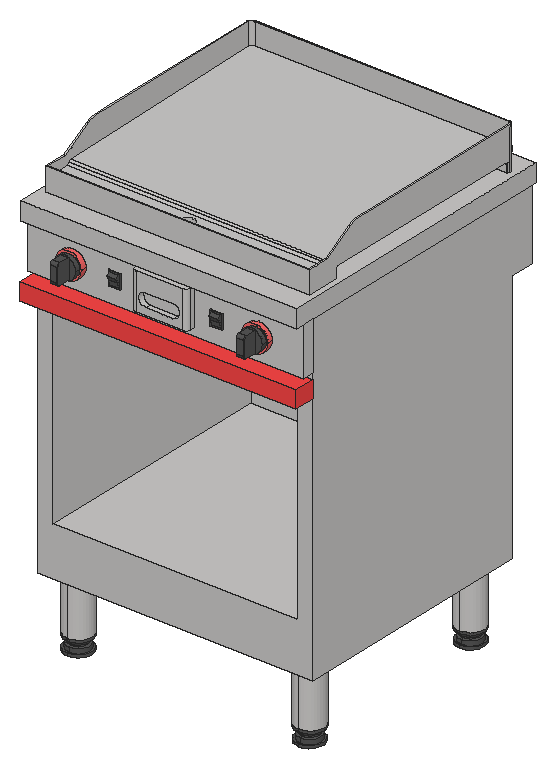
Revit family "ADB Armoire Gril Electrique 610", category Equipement spécialisé, Revit 2022
Family settings
  Cote de connecteur circulaire = Utiliser le diamètre
  Type d'élément = Normal
  Numéro OmniClass = 23.40.40.14.17.11
  Titre OmniClass = Cookers, Ovens, Stoves
  Basée sur le plan de construction = Non
  Toujours verticalement = Oui
  Couper avec des vides une fois chargée = Non
  Conserver l'orientation des annotations = Non
  Partagée = Non
  Repère de localisation dans la pièce = Non
Parameters (values of type "CME 610 SLRC")
  URL catalogue = "https://www.ambassade-de-bourgogne.com/fr/produits/armoires/grils/Resources/N61bis-CME_610_SLRC.pdf"
  URL = "https://www.ambassade-de-bourgogne.com/fr/produits/armoires/grils/Resources/N61bis-CME_610_SLRC.pdf"
  Type de Raccord Electrique [instance] = "Bornier 40A"  # constant formula
  Type article = ""
  Tension [instance] = 230 V  # constant formula
  Table = CME_CMG 610 SLK_SLKC_SRK_SRKC_SLR_SLRC : SLRC
  Spécification du Fabricant = ""
  Remarques Electricité [instance] = "230V(MONO) commutable 400V(TRI)"  # constant formula
  Puissance électrique [instance] = 4400 W  # constant formula
  Porte inversée [instance] = no
  Profondeur [instance] = 652 mm + if(Dosseret DSA 600, 50 mm, 0 mm) + if(Porte CPM 600, 53 mm, 0 mm)  # 652 mm
  Porte CPM 600 [instance] = no
  Poids net à vide [instance] = 98.00 kg + if(Dosseret DSA 600, 1.00 kg, 0.00 kg) + if(Porte CPM 600, 5.00 kg, 0.00 kg)  # 98.00 kg
  Phase [instance] = 1  # constant formula
  Nombres de Pôles [instance] = Phase  # 1
  Modèle = "CME 610 SLRC"
  Longueur [instance] = 600 mm  # constant formula
  Intensité nominale [instance] = Puissance électrique / (230 V * Phase)  # 19.1304 A
  Hauteur [instance] = 992 mm + if(Dosseret DSA 600, 8 mm, 0 mm)  # 992 mm
  Fréquence [instance] = 50 Hz  # constant formula
  Fabricant = "Société Industrielle de Lacanche"  # constant formula
  Elévation par défaut = 0 mm
  Echelles ECH 400 [instance] = no
  Dosseret DSA 600 [instance] = no
  Dosseret [instance] = if(Dosseret DSA 600, 50 mm, 0 mm)  # 0 mm
  Description = "Gril Chrome lisse 1/2 nervuré électrique"
  Connecteurs [instance] = yes
  Commentaires du type = "Gamme Ambassade - Grils et planchas électriques"
  D = 740 mm  # constant formula
  C = 300 mm  # constant formula
Types (6, lengths in mm): name | URL catalogue | URL | Table | Modèle | Description
  CME 610 SRKC | "https://www.ambassade-de-bourgogne.com/fr/produits/armoires/grils/Resources/N59-CME_610_SRKC.pdf" | "https://www.ambassade-de-bourgogne.com/fr/produits/armoires/grils/Resources/N59-CME_610_SRKC.pdf" | CME_CMG 610 SLK_SLKC_SRK_SRKC_SLR_SLRC : SRKC | "CME 610 SRKC" | "Gril chrome nervuré électrique"
  CME 610 SRK | "https://www.ambassade-de-bourgogne.com/fr/produits/armoires/grils/Resources/N59-CME_610_SRK.pdf" | "https://www.ambassade-de-bourgogne.com/fr/produits/armoires/grils/Resources/N59-CME_610_SRK.pdf" | CME_CMG 610 SLK_SLKC_SRK_SRKC_SLR_SLRC : SRK | "CME 610 SRK" | "Gril acier nervuré électrique"
  CME 610 SLK | "https://www.ambassade-de-bourgogne.com/fr/produits/armoires/grils/Resources/N57-CME_610_SLK.pdf" | "https://www.ambassade-de-bourgogne.com/fr/produits/armoires/grils/Resources/N57-CME_610_SLK.pdf" | CME_CMG 610 SLK_SLKC_SRK_SRKC_SLR_SLRC : SLK | "CME 610 SLK" | "Gril acier lisse électrique"
  CME 610 SLKC | "https://www.ambassade-de-bourgogne.com/fr/produits/armoires/grils/Resources/N57bis-CME_610_SLKC.pdf" | "https://www.ambassade-de-bourgogne.com/fr/produits/armoires/grils/Resources/N57bis-CME_610_SLKC.pdf" | CME_CMG 610 SLK_SLKC_SRK_SRKC_SLR_SLRC : SLKC | "CME 610 SLKC" | "Gril chrome lisse électrique"
  CME 610 SLR | "https://www.ambassade-de-bourgogne.com/fr/produits/armoires/grils/Resources/N61-CME_610_SLR.pdf" | "https://www.ambassade-de-bourgogne.com/fr/produits/armoires/grils/Resources/N61-CME_610_SLR.pdf" | CME_CMG 610 SLK_SLKC_SRK_SRKC_SLR_SLRC : SLR | "CME 610 SLR" | "Gril Acier lisse 1/2 nervuré électrique"
  CME 610 SLRC | "https://www.ambassade-de-bourgogne.com/fr/produits/armoires/grils/Resources/N61bis-CME_610_SLRC.pdf" | "https://www.ambassade-de-bourgogne.com/fr/produits/armoires/grils/Resources/N61bis-CME_610_SLRC.pdf" | CME_CMG 610 SLK_SLKC_SRK_SRKC_SLR_SLRC : SLRC | "CME 610 SLRC" | "Gril Chrome lisse 1/2 nervuré électrique"
Reference planes
  plane 1 "Centre (avant/arrière)": y = 0
  plane 2: z = 0
  plane 3 "Centre (gauche/droite)": x = 0
  plane 4 "gauche": x = -300
  plane 5 "droite": x = 300
  plane 6 "fond de meuble": y = 325
  plane 7 "avant": y = -325
  plane 8 "arrière": y = 325
  plane 9: z = 992
  plane 10: x = 0
  plane 11: z = 740
  plane 12: y = -327
Forms (mm)
  Extrusion 1, solid, material "ADB_Network_Electricity_Yellow", visible <- "Connecteurs", detail levels medium+fine
    sketch origin (300, 315, 707) x (-1, 0, 0) y (0, 0, 1)
      loop
        circle (300, 33) r 10
    from 0 to 10
  Extrusion 2, solid, detail levels coarse
    sketch origin (0, 0, 0) x (1, 0, 0) y (0, 1, 0)
      loop
        line (-300, 325) -> (-300, -327) -> (300, -327) -> (300, 325) -> (-300, 325)
    from 0 to 992 <- "Hauteur"
  Extrusion 3, solid, material "ADB_Stainless Steel-Polished", detail levels fine
    sketch origin (150, 0, 0) x (1, 0, 0) y (0, 1, 0)
      loop
        arc (-210, -313.5) -> (-207.218, -320.218) -> (-200.5, -323) r 9.5
        line (-200.5, -323) -> (-99.5, -323)
        arc (-99.5, -323) -> (-92.782, -320.218) -> (-90, -313.5) r 9.5
        line (-90, -313.5) -> (-90, -306) -> (-210, -306) -> (-210, -313.5)
    from 770 to 850
  Extrusion 4, void
    sketch origin (437.916, -306, 860) x (-1, 0, 0) y (0, 0, -1)
      loop
        arc (467.812, 45) -> (482.812, 60) -> (467.812, 75) r 15
        line (467.812, 75) -> (408.021, 75)
        arc (408.021, 75) -> (393.021, 60) -> (408.021, 45) r 15
        line (408.021, 45) -> (467.812, 45)
    from 5 to 38.602
  Extrusion 5, solid, material "ADB_Plastic-Black", detail levels fine
    sketch origin (229, -306, 860) x (-1, 0, 0) y (0, 0, -1)
      loop
        line (352.5, 39.5) -> (352.5, 71.5) -> (327.5, 71.5) -> (327.5, 39.5) -> (352.5, 39.5)
    from 0 to 2
  Extrusion 6, solid, material "ADB_Plastic-Black", detail levels fine
    sketch origin (-71, 0, 0.2) x (0, 1, 0) y (0, 0, 1)
      loop
        line (-308, 817.032) -> (-315.045, 811.027) -> (-309.906, 802.126) -> (-308, 792) -> (-308, 817.032)
    from -49.5 to -30.5
  Extrusion 7, solid, material "ADB_Plastic-Black", detail levels fine
    sketch origin (451, -306, 860) x (-1, 0, 0) y (0, 0, -1)
      loop
        line (452.5, 39.5) -> (452.5, 71.5) -> (427.5, 71.5) -> (427.5, 39.5) -> (452.5, 39.5)
    from 0 to 2
  Extrusion 8, solid, material "ADB_Plastic-Black", detail levels fine
    sketch origin (151, 0, 0.2) x (0, 1, 0) y (0, 0, 1)
      loop
        line (-308, 817.032) -> (-315.045, 811.027) -> (-309.906, 802.126) -> (-308, 792) -> (-308, 817.032)
    from -49.5 to -30.5
  Extrusion 9, solid, material "ADB_Plastic-Black", detail levels fine
    sketch origin (451, -306, 860) x (-1, 0, 0) y (0, 0, -1)
      loop
        line (352.5, 39.5) -> (352.5, 71.5) -> (327.5, 71.5) -> (327.5, 39.5) -> (352.5, 39.5)
    from 0 to 2
Cuts and joins
  Extrusion 4 cuts Extrusion 3
Dimensions and locks
  equal spacing: plane 5 "droite", plane 3 "Centre (gauche/droite)", plane 4 "gauche"
  "Longueur": plane 5 "droite" to plane 4 "gauche"
  plane 6 "fond de meuble" to plane 7 "avant" = 650 mm
  locked: plane 7 "avant" to plane 1 "Centre (avant/arrière)" at 325
  "Dosseret": plane 8 "arrière" to plane 6 "fond de meuble"
  "Hauteur": plane 9 to plane 2
  "D": plane 2 to plane 11
  "C": plane 5 "droite" to plane 10
  locked: Extrusion 3 sketch curve to Extrusion 3 sketch curve at 120
  "Profondeur": plane 8 "arrière" to plane 12
  aligned and locked: level to plane 2
  aligned and locked: plane 3 "Centre (gauche/droite)" to nested 1
  aligned and locked: Extrusion 1 sketch curve to plane 10
  aligned and locked: plane 11 to Extrusion 1 sketch curve
  aligned and locked: plane 3 "Centre (gauche/droite)" to nested 3
  aligned and locked: plane 8 "arrière" to Extrusion 2
  aligned and locked: Extrusion 2 to plane 12
Automatic sketch dimensions
  Extrusion 2 sketch curve to plane 4 "gauche" = 0 mm
  Extrusion 2 sketch curve to plane 5 "droite" = 0 mm
  Extrusion 2 sketch curve to plane 7 "avant" = 2 mm
  plane 6 "fond de meuble" to Extrusion 2 sketch curve = 0 mm
  plane 7 "avant" to Extrusion 3 sketch curve = 19 mm
  Extrusion 3 sketch curve to plane 3 "Centre (gauche/droite)" = 60 mm
  Extrusion 3 sketch curve to Extrusion 3 sketch curve = 9.5 mm  (x2)
  plane 7 "avant" to Extrusion 3 sketch curve = 2 mm
  Extrusion 4 sketch curve to nested 1 = 45 mm
  nested 1 to Extrusion 4 sketch curve = 270.104 mm
  Extrusion 4 sketch curve to Extrusion 4 sketch curve = 59.792 mm
  Extrusion 4 sketch curve to Extrusion 4 sketch curve = 15 mm
  Extrusion 5 sketch curve to plane 3 "Centre (gauche/droite)" = 98.5 mm
  Extrusion 5 sketch curve to Extrusion 5 sketch curve = 25 mm
  Extrusion 5 sketch curve to plane 11 = 80.5 mm
  Extrusion 5 sketch curve to Extrusion 5 sketch curve = 32 mm
  plane 7 "avant" to Extrusion 6 sketch curve = 9.955 mm
  Extrusion 6 sketch curve to Extrusion 6 sketch curve = 5.139 mm
  Extrusion 6 sketch curve to Extrusion 6 sketch curve = 1.906 mm
  Extrusion 6 sketch curve to plane 11 = 52.2 mm
  Extrusion 6 sketch curve to Extrusion 6 sketch curve = 10.126 mm
  Extrusion 6 sketch curve to Extrusion 6 sketch curve = 8.901 mm
  Extrusion 6 sketch curve to Extrusion 6 sketch curve = 6.005 mm
  plane 3 "Centre (gauche/droite)" to Extrusion 7 sketch curve = 23.5 mm
  Extrusion 7 sketch curve to plane 3 "Centre (gauche/droite)" = 1.5 mm
  Extrusion 7 sketch curve to plane 11 = 80.5 mm
  Extrusion 7 sketch curve to Extrusion 7 sketch curve = 32 mm
  plane 7 "avant" to Extrusion 8 sketch curve = 9.955 mm
  Extrusion 8 sketch curve to Extrusion 8 sketch curve = 5.139 mm
  Extrusion 8 sketch curve to Extrusion 8 sketch curve = 1.906 mm
  Extrusion 8 sketch curve to plane 11 = 52.2 mm
  Extrusion 8 sketch curve to Extrusion 8 sketch curve = 10.126 mm
  Extrusion 8 sketch curve to Extrusion 8 sketch curve = 8.901 mm
  Extrusion 8 sketch curve to Extrusion 8 sketch curve = 6.005 mm
  plane 3 "Centre (gauche/droite)" to Extrusion 9 sketch curve = 123.5 mm
  Extrusion 9 sketch curve to Extrusion 9 sketch curve = 25 mm
  Extrusion 9 sketch curve to plane 11 = 80.5 mm
  Extrusion 9 sketch curve to Extrusion 9 sketch curve = 32 mm
  radius of Extrusion 1 sketch curve = 10 mm
Nested families
  nested 1: "Soubassement armoire" at (0, 0, 0), Dosseret <- "Dosseret DSA 600", Porte <- "Porte CPM 600", Porte inversée <- "Porte inversée", Echelle <- "Echelles ECH 400", type "1 armoire"
    with Profondeur 703 mm, Porte inversée no, Porte no, Longueur 600 mm, Hauteur 900 mm, Encombrement Porte standard no, Encombrement Porte inversée no, Echelle no, Décalage poignée 233.5 mm, Dosseret no
  nested 2: "Bouton" at (-203, -306, 804.565) x (1, 0, 0) z (0, -1, 0), type "Bouton"
  nested 3: "CME_CMG 610 SLK_SLKC_SRK_SRKC_SLR_SLRC" at (0, 0, 900), type <- "Table", type "SLRC", detail levels medium+fine
  nested 4: "Bouton" at (203, -306, 804.565) x (1, 0, 0) z (0, -1, 0), type "Bouton"
Connectors
  electrical at (0, 315, 740), driven by "Nombres de Pôles", driven by "Tension", driven by "Puissance électrique"
    settings: on Extrusion 1, index 1, voltage 230 V, apparent load 4400 VA, apparent load phase1 0 VA, apparent load phase2 0 VA, apparent load phase3 0 VA, power factor 1, load classification "Autre", number of poles 1, system type 30, power factor state 1, is connector primary yes, connector utility no, sub classification motor no, connector description "Electrique"
Definition of nested family "Soubassement armoire"
  Parameters (values of type "1 armoire")
    Profondeur produit = 650 mm
    Profondeur baie libre = if(Baie libre, Profondeur produit - 68 mm, 1 mm)  # 582 mm
    Porte inversée [instance] = no
    Longueur poignée = 229 mm  # constant formula
    Encombrement Porte inversée [instance] = and(Porte, Porte inversée)  # no
    Encombrement Porte standard [instance] = and(Porte, not(Porte inversée))  # no
    Porte [instance] = no
    Profondeur [instance] = Profondeur produit + if(Dosseret, 50 mm, 0 mm) + 53 mm  # 703 mm
    Longueur produit = 600 mm
    Longueur [instance] = Longueur produit  # 600 mm
    Hauteur produit = 900 mm
    Hauteur [instance] = Hauteur produit + if(Dosseret, 100 mm, 0 mm)  # 900 mm
    Default Elevation = 0 mm
    Echelle [instance] = no
    Décalage poignée [instance] = if(Porte inversée, Longueur, 233.5 mm)  # 233.5 mm
    Dosseret [instance] = no
    Baie libre = yes
  Reference planes
    plane 1 "Centre (avant/arrière)": y = 0
    plane 2: z = 0
    plane 3 "Centre (gauche/droite)": x = 0
    plane 4 "Gauche": x = -300
    plane 5 "Arrière": y = 325
    plane 6 "Droite": x = 300
    plane 7 "Avant": y = -325
    plane 8 "dessous meuble": z = 155
    plane 9 "Dessus de plan": z = 900
    plane 10 "Baguette coloré": z = 696
    plane 11 "dessous plan": z = 860
    plane 12 "Face": y = -280
    plane 13 "commande": z = 755
    plane 14 "dessus dosseret": z = 900
    plane 15: y = -377.967
    plane 16: y = 325.033
    plane 17 "Baguette colorë": y = -780
    plane 18: x = -66.5
  Forms (mm)
    Extrusion 1, solid, visible <- "Porte", detail levels medium+fine
      sketch origin (-300, 0, 0) x (0, 1, 0) y (0, 0, 1)
        loop
          line (-325, 155) -> (-280, 155) -> (-280, 696) -> (-325, 696) -> (-325, 155)
      from 0 to 600 <- "Longueur"
    Extrusion 2, solid, detail levels medium+fine
      sketch origin (-300, 0, 0) x (0, 1, 0) y (0, 0, 1)
        loop
          line (-280, 742.5) -> (-327, 742.5) -> (-327, 705) -> (-280, 705) -> (-280, 742.5)
      from 0 to 600 <- "Longueur"
    Extrusion 3, solid, detail levels medium+fine
      sketch origin (-300, 0, 0) x (0, 1, 0) y (0, 0, 1)
        loop
          line (325, 900) -> (-325, 900) -> (-325, 860) -> (325, 860) -> (325, 900)
      from 0 to 600 <- "Longueur"
    Extrusion 4, void
      sketch origin (0, -325, 0) x (-1, 0, 0) y (0, 0, 1)
        loop
          line (266, 679) -> (-266, 679) -> (-266, 261.5) -> (266, 261.5) -> (266, 679)
      from 0 to 582 <- "Profondeur baie libre"
    Extrusion 5, solid, detail levels medium+fine
      sketch origin (-300, 0, 0) x (0, 1, 0) y (0, 0, 1)
        loop
          line (-280, 860) -> (-306, 860) -> (-306, 755) -> (-280, 755) -> (-280, 860)
      from 0 to 600 <- "Longueur"
    Extrusion 6, solid, detail levels medium+fine
      sketch origin (-300, 0, 0) x (0, 1, 0) y (0, 0, 1)
        loop
          line (315, 860) -> (-280, 860) -> (-280, 155) -> (260, 155) -> (260, 707) -> (315, 707) -> (315, 860)
      from 0 to 600 <- "Longueur"
    Revolve 7, solid, detail levels medium+fine
      sketch origin (251.965, 0, 0) x (0, 1, 0) y (0, 0, -1)
        loop
          line (-258.968, -155) -> (-229, -155) -> (-229, 0) -> (-258.492, 0) -> (-258.492, -5) -> (-253.001, -5) -> (-253.001, -13.586) -> (-248.857, -16.488) -> (-248.857, -22) -> (-252.82, -22) -> (-258.968, -28.148) -> (-258.968, -34) -> (-258.968, -155)
        axis (-229, 0) -> (-229, -155)
      angle from 0 to 360
    Revolve 8, solid, detail levels medium+fine
      sketch origin (-251.965, 0, 0) x (0, 1, 0) y (0, 0, 1)
        loop
          line (-258.968, 155) -> (-258.968, 34) -> (-258.968, 28.148) -> (-252.82, 22) -> (-248.857, 22) -> (-248.857, 16.488) -> (-253.001, 13.586) -> (-253.001, 5) -> (-258.492, 5) -> (-258.492, 0) -> (-229, 0) -> (-229, 155) -> (-258.968, 155)
        axis (-229, 0) -> (-229, 155)
      angle from 0 to 360
    Revolve 9, solid, detail levels medium+fine
      sketch origin (-251.965, -20, 0) x (0, -1, 0) y (0, 0, -1)
        loop
          line (-258.968, -155) -> (-229, -155) -> (-229, 0) -> (-258.492, 0) -> (-258.492, -5) -> (-253.001, -5) -> (-253.001, -13.586) -> (-248.857, -16.488) -> (-248.857, -22) -> (-252.82, -22) -> (-258.968, -28.148) -> (-258.968, -34) -> (-258.968, -155)
        axis (-229, 0) -> (-229, -155)
      angle from 0 to 360
    Extrusion 10, solid, visible <- "Dosseret", detail levels medium+fine
      sketch origin (-300, 0, 0) x (0, 1, 0) y (0, 0, 1)
        loop
          line (375.033, 1000) -> (325, 1000) -> (325, 860) -> (375.033, 860) -> (375.033, 1000)
      from 0 to 600 <- "Longueur"
    Revolve 11, solid, detail levels medium+fine
      sketch origin (251.965, -20, 0) x (0, -1, 0) y (0, 0, 1)
        loop
          line (-258.968, 155) -> (-258.968, 34) -> (-258.968, 28.148) -> (-252.82, 22) -> (-248.857, 22) -> (-248.857, 16.488) -> (-253.001, 13.586) -> (-253.001, 5) -> (-258.492, 5) -> (-258.492, 0) -> (-229, 0) -> (-229, 155) -> (-258.968, 155)
        axis (-229, 0) -> (-229, 155)
      angle from 0 to 360
    Extrusion 12, void
      sketch origin (0, 0, 900) x (0, -1, 0) y (1, 0, 0)
        loop
          line (-307.033, -266.567) -> (-293.033, -266.567) -> (-293.033, 266.464) -> (-307.033, 266.464) -> (-307.033, -266.567)
      from 0 to -0.8
    Extrusion 13, solid, detail levels medium+fine
      sketch origin (-300, 260, 155) x (0, 0, 1) y (1, 0, 0)
        loop
          line (65, 454) -> (65, 146) -> (552, 146) -> (552, 454) -> (65, 454)
      from 0 to 35
    Extrusion 14, solid, visible <- "Echelle", detail levels medium+fine
      sketch origin (0, 0, 0) x (1, 0, 0) y (0, 0, 1)
        loop
          line (-266, 648.8) -> (-266, 623.8) -> (-256.5, 623.8) -> (-256.5, 625) -> (-264.8, 625) -> (-264.8, 647.6) -> (-248, 647.6) -> (-248, 648.8) -> (-266, 648.8)
        loop
          line (-266, 548.8) -> (-266, 523.8) -> (-256.5, 523.8) -> (-256.5, 525) -> (-264.8, 525) -> (-264.8, 547.6) -> (-248, 547.6) -> (-248, 548.8) -> (-266, 548.8)
        loop
          line (-266, 448.8) -> (-266, 423.8) -> (-256.5, 423.8) -> (-256.5, 425) -> (-264.8, 425) -> (-264.8, 447.6) -> (-248, 447.6) -> (-248, 448.8) -> (-266, 448.8)
        loop
          line (-266, 348.8) -> (-266, 323.8) -> (-256.5, 323.8) -> (-256.5, 325) -> (-264.8, 325) -> (-264.8, 347.6) -> (-248, 347.6) -> (-248, 348.8) -> (-266, 348.8)
      from -113.466 to 206.5
    Extrusion 15, solid, visible <- "Echelle", detail levels medium+fine
      sketch origin (0, 0, 0) x (-1, 0, 0) y (0, 0, -1)
        loop
          line (-266, -648.8) -> (-248, -648.8) -> (-248, -647.6) -> (-264.8, -647.6) -> (-264.8, -625) -> (-256.5, -625) -> (-256.5, -623.8) -> (-266, -623.8) -> (-266, -648.8)
        loop
          line (-266, -548.8) -> (-248, -548.8) -> (-248, -547.6) -> (-264.8, -547.6) -> (-264.8, -525) -> (-256.5, -525) -> (-256.5, -523.8) -> (-266, -523.8) -> (-266, -548.8)
        loop
          line (-266, -448.8) -> (-248, -448.8) -> (-248, -447.6) -> (-264.8, -447.6) -> (-264.8, -425) -> (-256.5, -425) -> (-256.5, -423.8) -> (-266, -423.8) -> (-266, -448.8)
        loop
          line (-266, -348.8) -> (-248, -348.8) -> (-248, -347.6) -> (-264.8, -347.6) -> (-264.8, -325) -> (-256.5, -325) -> (-256.5, -323.8) -> (-266, -323.8) -> (-266, -348.8)
      from -113.466 to 206.5
  Cuts and joins
    Extrusion 4 cuts Extrusion 6
    Extrusion 12 cuts Extrusion 10
  Lines and regions (mm)
    symbolic lines, visible <- "Encombrement Porte standard"
      curve 1: line (300, -280, 155) -> (300, -880, 155)
      curve 4: arc (-300, -280, 155) -> (-124.264, -704.264, 155) -> (300, -880, 155) r 600
    symbolic lines, visible <- "Encombrement Porte inversée"
      curve 2: line (-300, -280, 155) -> (-300, -880, 155)
      curve 3: arc (300, -280, 155) -> (124.264, -704.264, 155) -> (-300, -880, 155) r 600
  Dimensions and locks
    equal spacing: plane 7 "Avant", plane 1 "Centre (avant/arrière)", plane 5 "Arrière"
    "Profondeur produit": plane 5 "Arrière" to plane 7 "Avant"
    equal spacing: plane 4 "Gauche", plane 3 "Centre (gauche/droite)", plane 6 "Droite"
    "Longueur produit": plane 4 "Gauche" to plane 6 "Droite"
    "Hauteur produit": plane 9 "Dessus de plan" to plane 2
    locked: plane 8 "dessous meuble" to plane 2 at 155
    locked: plane 9 "Dessus de plan" to plane 11 "dessous plan" at 40
    locked: plane 7 "Avant" to plane 12 "Face" at 45
    locked: plane 13 "commande" to plane 10 "Baguette coloré" at 59
    locked: plane 11 "dessous plan" to plane 13 "commande" at 105
    Extrusion 4 sketch curve to plane 8 "dessous meuble" = 106.5 mm
    Extrusion 4 sketch curve to plane 6 "Droite" = 34 mm
    Extrusion 4 sketch curve to plane 4 "Gauche" = 34 mm
    plane 10 "Baguette coloré" to Extrusion 4 sketch curve = 17 mm
    "Hauteur": plane 14 "dessus dosseret" to plane 2
    locked: plane 7 "Avant" to plane 15 at 52.967
    "Profondeur": plane 15 to plane 16
    equal spacing: Extrusion 13 sketch curve, plane 3 "Centre (gauche/droite)", Extrusion 13 sketch curve
    "Décalage poignée": plane 18 to plane 4 "Gauche"
    locked: plane 4 "Gauche" to Revolve 9 at 18.067
    locked: Revolve 11 to plane 6 "Droite" at 18.067
    locked: Revolve 7 to plane 6 "Droite" at 18.067
    locked: plane 4 "Gauche" to Revolve 8 at 18.067
    locked: Revolve 8 to plane 12 "Face" at 21.032
    locked: Revolve 7 to plane 12 "Face" at 21.032
    locked: plane 5 "Arrière" to Extrusion 10 sketch curve at 50.033
    plane 16 to Extrusion 12 sketch curve to Extrusion 12 sketch curve = 18 mm locked, 14 mm locked
    aligned and locked: level to plane 2
    aligned and locked: plane 18 to nested 1
  Automatic sketch dimensions
    Extrusion 1 sketch curve to plane 7 "Avant" = 0 mm
    Extrusion 1 sketch curve to plane 10 "Baguette coloré" = 0 mm
    Extrusion 1 sketch curve to plane 12 "Face" = 0 mm
    Extrusion 1 sketch curve to plane 8 "dessous meuble" = 0 mm
    Extrusion 2 sketch curve to plane 12 "Face" = 0 mm
    Extrusion 2 sketch curve to plane 7 "Avant" = 2 mm
    plane 10 "Baguette coloré" to Extrusion 2 sketch curve = 9 mm
    Extrusion 2 sketch curve to plane 13 "commande" = 12.5 mm
    Extrusion 3 sketch curve to plane 7 "Avant" = 0 mm
    Extrusion 3 sketch curve to plane 5 "Arrière" = 0 mm
    Extrusion 3 sketch curve to plane 11 "dessous plan" = 0 mm
    Extrusion 3 sketch curve to plane 9 "Dessus de plan" = 0 mm
    Extrusion 5 sketch curve to plane 11 "dessous plan" = 0 mm
    Extrusion 5 sketch curve to plane 13 "commande" = 0 mm
    Extrusion 5 sketch curve to plane 12 "Face" = 0 mm
    plane 7 "Avant" to Extrusion 5 sketch curve = 19 mm
    Extrusion 6 sketch curve to plane 11 "dessous plan" = 0 mm
    Extrusion 6 sketch curve to plane 12 "Face" = 0 mm
    Extrusion 6 sketch curve to plane 8 "dessous meuble" = 0 mm
    Extrusion 6 sketch curve to plane 5 "Arrière" = 65 mm
    Extrusion 6 sketch curve to plane 5 "Arrière" = 10 mm
    plane 10 "Baguette coloré" to Extrusion 6 sketch curve = 11 mm
    Revolve 7 sketch curve to plane 8 "dessous meuble" = 0 mm
    Revolve 7 sketch curve to level = 0 mm
    plane 12 "Face" to Revolve 7 sketch curve = 21.032 mm
    plane 12 "Face" to Revolve 7 sketch curve = 21.508 mm
    Revolve 7 sketch curve to Revolve 7 sketch curve = 5.491 mm
    Revolve 7 sketch curve to Revolve 7 sketch curve = 0.181 mm
    Revolve 7 sketch curve to Revolve 7 sketch curve = 3.964 mm
    Revolve 7 sketch curve to Revolve 7 sketch curve = 24.001 mm
    level to Revolve 7 sketch curve = 34 mm
    Revolve 7 sketch curve to Revolve 7 sketch curve = 5.852 mm
    Revolve 7 sketch curve to Revolve 7 sketch curve = 6.148 mm
    Revolve 7 sketch curve to Revolve 7 sketch curve = 5.512 mm
    Revolve 7 sketch curve to Revolve 7 sketch curve = 2.902 mm
    level to Revolve 7 sketch curve = 5 mm
    Revolve 7 sketch curve to Revolve 7 sketch curve = 0 mm
    plane 8 "dessous meuble" to Revolve 7 sketch curve = 19 mm
    Revolve 7 sketch curve to Revolve 7 sketch curve = 12 mm
    Revolve 8 sketch curve to plane 8 "dessous meuble" = 0 mm
    Revolve 8 sketch curve to level = 0 mm
    plane 12 "Face" to Revolve 8 sketch curve = 21.032 mm
    plane 12 "Face" to Revolve 8 sketch curve = 21.508 mm
    Revolve 8 sketch curve to Revolve 8 sketch curve = 5.491 mm
    Revolve 8 sketch curve to Revolve 8 sketch curve = 0.181 mm
    Revolve 8 sketch curve to Revolve 8 sketch curve = 3.964 mm
    Revolve 8 sketch curve to Revolve 8 sketch curve = 24.001 mm
    level to Revolve 8 sketch curve = 5 mm
    Revolve 8 sketch curve to Revolve 8 sketch curve = 8.586 mm
    Revolve 8 sketch curve to Revolve 8 sketch curve = 2.902 mm
    Revolve 8 sketch curve to Revolve 8 sketch curve = 5.512 mm
    Revolve 8 sketch curve to Revolve 8 sketch curve = 6.148 mm
    Revolve 8 sketch curve to Revolve 8 sketch curve = 5.852 mm
    Revolve 8 sketch curve to Revolve 8 sketch curve = 0 mm
    Revolve 8 sketch curve to Revolve 8 sketch curve = 12 mm
    plane 8 "dessous meuble" to Revolve 8 sketch curve = 19 mm
    Revolve 9 sketch curve to plane 8 "dessous meuble" = 0 mm
    Revolve 9 sketch curve to level = 0 mm
    level to Revolve 9 sketch curve = 28.148 mm
    Revolve 9 sketch curve to plane 5 "Arrière" = 86.032 mm
    Revolve 9 sketch curve to Revolve 9 sketch curve = 0.477 mm
    level to Revolve 9 sketch curve = 13.586 mm
    Revolve 9 sketch curve to Revolve 9 sketch curve = 5.491 mm
    Revolve 9 sketch curve to Revolve 9 sketch curve = 0.181 mm
    Revolve 9 sketch curve to Revolve 9 sketch curve = 3.964 mm
    Revolve 9 sketch curve to Revolve 9 sketch curve = 24.001 mm
    Revolve 9 sketch curve to Revolve 9 sketch curve = 5.852 mm
    Revolve 9 sketch curve to Revolve 9 sketch curve = 8.414 mm
    Revolve 9 sketch curve to Revolve 9 sketch curve = 2.902 mm
    level to Revolve 9 sketch curve = 5 mm
    Revolve 9 sketch curve to Revolve 9 sketch curve = 0 mm
    plane 8 "dessous meuble" to Revolve 9 sketch curve = 19 mm
    Revolve 9 sketch curve to Revolve 9 sketch curve = 12 mm
    Extrusion 10 sketch curve to plane 5 "Arrière" = 0 mm
    Extrusion 10 sketch curve to plane 11 "dessous plan" = 0 mm
    plane 9 "Dessus de plan" to Extrusion 10 sketch curve = 100 mm
    curve 3 to plane 6 "Droite" = 0 mm
    curve 3 to plane 4 "Gauche" = 0 mm
    curve 4 to plane 4 "Gauche" = 0 mm
    curve 4 to plane 12 "Face" = 0 mm
    curve 2 to plane 12 "Face" = 0 mm
    curve 3 to plane 12 "Face" = 0 mm
    Revolve 11 sketch curve to plane 8 "dessous meuble" = 0 mm
    Revolve 11 sketch curve to level = 0 mm
    level to Revolve 11 sketch curve = 28.148 mm
    Revolve 11 sketch curve to plane 5 "Arrière" = 86.032 mm
    Revolve 11 sketch curve to Revolve 11 sketch curve = 0.477 mm
    level to Revolve 11 sketch curve = 13.586 mm
    Revolve 11 sketch curve to Revolve 11 sketch curve = 5.491 mm
    Revolve 11 sketch curve to Revolve 11 sketch curve = 0.181 mm
    Revolve 11 sketch curve to Revolve 11 sketch curve = 3.964 mm
    Revolve 11 sketch curve to Revolve 11 sketch curve = 24.001 mm
    level to Revolve 11 sketch curve = 5 mm
    Revolve 11 sketch curve to Revolve 11 sketch curve = 2.902 mm
    Revolve 11 sketch curve to Revolve 11 sketch curve = 5.512 mm
    Revolve 11 sketch curve to Revolve 11 sketch curve = 5.852 mm
    Revolve 11 sketch curve to Revolve 11 sketch curve = 0 mm
    Revolve 11 sketch curve to Revolve 11 sketch curve = 12 mm
    plane 8 "dessous meuble" to Revolve 11 sketch curve = 19 mm
    plane 4 "Gauche" to Extrusion 12 sketch curve = 33.433 mm
    plane 6 "Droite" to Extrusion 12 sketch curve = 33.536 mm
    Extrusion 13 sketch curve to Extrusion 6 = 0 mm
    Extrusion 6 to Extrusion 13 sketch curve = 65 mm
    Extrusion 6 to Extrusion 13 sketch curve = 146 mm
    plane 4 "Gauche" to Extrusion 14 sketch curve = 34 mm  (x4)
    Extrusion 14 sketch curve to Extrusion 14 sketch curve = 1.2 mm  (x12)
    Extrusion 14 sketch curve to Extrusion 14 sketch curve = 8.3 mm  (x4)
    Extrusion 14 sketch curve to Extrusion 14 sketch curve = 16.8 mm  (x4)
    plane 8 "dessous meuble" to Extrusion 14 sketch curve = 168.8 mm
    Extrusion 14 sketch curve to Extrusion 14 sketch curve = 22.6 mm  (x4)
    Extrusion 14 sketch curve to Extrusion 14 sketch curve = 75 mm  (x2)
    Extrusion 14 sketch curve to plane 10 "Baguette coloré" = 72.2 mm
    plane 6 "Droite" to Extrusion 15 sketch curve = 34 mm  (x4)
    Extrusion 15 sketch curve to Extrusion 15 sketch curve = 1.2 mm  (x12)
    Extrusion 15 sketch curve to Extrusion 15 sketch curve = 8.3 mm  (x4)
    Extrusion 15 sketch curve to Extrusion 15 sketch curve = 16.8 mm  (x4)
    Extrusion 15 sketch curve to plane 10 "Baguette coloré" = 47.2 mm
    Extrusion 15 sketch curve to Extrusion 15 sketch curve = 22.6 mm  (x4)
    Extrusion 15 sketch curve to Extrusion 15 sketch curve = 75 mm  (x3)
    curve 1 to plane 6 "Droite" = 0 mm
    curve 1 to plane 12 "Face" = 0 mm
  Nested families
    nested 1: "Poignée" at (-181, -325, 681.933) x (1, 0, 0) z (0, -1, 0), visible <- "Porte", Longueur <- "Longueur poignée", type "Poignée", detail levels fine
      with Longueur 229 mm
  Definition of nested family "Poignée"
    Parameters (values of type "Poignée")
      Longueur [instance] = 800 mm
      Default Elevation = 1219.2 mm
    Reference planes
      plane 1 "Centre (avant/arrière)": y = 0
      plane 2: z = 0
      plane 3 "Centre (gauche/droite)": x = 0
      plane 4: x = -400
      plane 5: x = 400
      plane 6: x = -395
      plane 7: x = 395
    Forms (mm)
      Extrusion 1, solid
        sketch origin (0, 0, 0) x (1, 0, 0) y (0, 1, 0)
          loop
            line (-1219.2, 1219.2) -> (-1219.2, -1219.2) -> (1219.2, -1219.2) -> (1219.2, 1219.2) -> (-1219.2, 1219.2)
        from 0 to -304.8
      Extrusion 2, solid
        sketch origin (0, 0, 0) x (0, 1, 0) y (0, 0, 1)
          loop
            circle (0, 38.995) r 13.972
        from -395 to 395
      Extrusion 3, solid
        sketch origin (0, 0, 0) x (1, 0, 0) y (0, 1, 0)
          loop
            circle (-363.542, 0) r 8.5
          loop
            circle (363.453, 0) r 8.5
        from 0 to 37.089
    Cuts and joins
      joined: Extrusion 2, Extrusion 3
    Dimensions and locks
      equal spacing: plane 4, plane 3 "Centre (gauche/droite)", plane 5
      "Longueur": plane 4 to plane 5
      locked: plane 4 to plane 6 at 5
      locked: plane 7 to plane 5 at 5
      locked: plane 6 to Extrusion 3 sketch curve at 31.458
      locked: Extrusion 3 sketch curve to plane 7 at 31.547
      aligned and locked: plane 2 to Extrusion 1
      aligned and locked: level to Extrusion 1
      aligned and locked: plane 6 to Extrusion 2
      aligned and locked: Extrusion 2 to plane 7
      aligned and locked: plane 1 "Centre (avant/arrière)" to Extrusion 3 sketch curve
    Automatic sketch dimensions
      Extrusion 1 sketch curve to Extrusion 1 sketch curve = 2438.4 mm  (x2)
      Extrusion 2 sketch curve to plane 1 "Centre (avant/arrière)" = 0 mm
      level to Extrusion 2 sketch curve = 38.995 mm
      plane 1 "Centre (avant/arrière)" to Extrusion 3 sketch curve = 0 mm
      radius of Extrusion 2 sketch curve = 13.972 mm
      radius of Extrusion 3 sketch curve = 8.5 mm  (x2)
Definition of nested family "Bouton"
  Parameters (values of type "Bouton")
    Matériau base bouton = none
    Default Elevation = 1219.2 mm
  Reference planes
    plane 1 "Centre (avant/arrière)": y = 0
    plane 2: z = 0
    plane 3 "Centre (gauche/droite)": x = 0
  Forms (mm)
    Extrusion 1, solid
      sketch origin (0, 0, 0) x (1, 0, 0) y (0, 1, 0)
        loop
          line (-1219.2, 1219.2) -> (-1219.2, -1219.2) -> (1219.2, -1219.2) -> (1219.2, 1219.2) -> (-1219.2, 1219.2)
      from 0 to -304.8
    Extrusion 2, solid, material <- "Matériau base bouton", detail levels fine
      sketch origin (0, 0, 0) x (1, 0, 0) y (0, 1, 0)
        loop
          circle (0, 0) r 28.5
      from 0 to 11.5
    Extrusion 3, solid, detail levels fine
      sketch origin (0, 0, 0) x (1, 0, 0) y (0, 1, 0)
        loop
          circle (0, 0) r 24.1
      from 11.5 to 20.5
    Extrusion 4, solid, detail levels fine
      sketch origin (0, 0, 0) x (1, 0, 0) y (0, 0, 1)
        loop
          line (-8.082, 20.5) -> (8.082, 20.5) -> (7.58, 49.253)
          arc (7.58, 49.253) -> (6.684, 51.34) -> (4.581, 52.2) r 3
          line (4.581, 52.2) -> (-4.581, 52.2)
          arc (-4.581, 52.2) -> (-6.684, 51.34) -> (-7.58, 49.253) r 3
          line (-7.58, 49.253) -> (-8.082, 20.5)
      from -22.082 to 22.162
    Extrusion 5, void
      sketch origin (0, 0, 0) x (0, 1, 0) y (0, 0, 1)
        loop
          line (-15.762, 50.701) -> (15.682, 50.701)
          arc (15.682, 50.701) -> (20.208, 48.826) -> (22.082, 44.301) r 6.4
          line (22.082, 44.301) -> (22.082, 41.701) -> (24.232, 41.701) -> (24.232, 54.688) -> (-24.768, 54.688) -> (-24.768, 41.701) -> (-22.162, 41.701) -> (-22.162, 44.301)
          arc (-22.162, 44.301) -> (-20.287, 48.826) -> (-15.762, 50.701) r 6.4
      from -15.908 to 13.709
  Cuts and joins
    Extrusion 5 cuts Extrusion 4
  Lines and regions (mm)
    symbolic lines, detail levels fine
      curve 1: line (0, -28.5, 0) -> (0, 28.5, 0)
  Dimensions and locks
    aligned and locked: plane 2 to Extrusion 1
    aligned and locked: level to Extrusion 1
Definition of nested family "CME_CMG 610 SLK_SLKC_SRK_SRKC_SLR_SLRC"
  Parameters (values of type "SLKC")
    Nervures chrome = no
    Nervures acier = no
    Longueur plancha = Longueur - 26 mm  # 574 mm
    Habillage = none
    Longueur = 600 mm
    Largeur = 650 mm
    Default Elevation = 1219.2 mm
    Demi nervures chrome = no
    Demi nervures acier = no
  Types (6, lengths in mm): name | Nervures chrome | Nervures acier | Demi nervures chrome | Demi nervures acier
    SLK | no | no | no | no
    SLKC | no | no | no | no
    SRK | no | yes | no | no
    SRKC | yes | no | no | no
    SLR | no | no | no | yes
    SLRC | no | no | yes | no
  Reference planes
    plane 1 "Centre (avant/arrière)": y = 0
    plane 2: z = 0
    plane 3 "Centre (gauche/droite)": x = 0
    plane 4: y = 325
    plane 5: y = -325
    plane 6: x = 300
    plane 7: x = -300
    plane 8: x = -287
    plane 9: x = 287
  Forms (mm)
    Extrusion 1, solid
      sketch origin (0, 0, 0) x (1, 0, 0) y (0, 1, 0)
        loop
          line (-1219.2, 1219.2) -> (-1219.2, -1219.2) -> (1219.2, -1219.2) -> (1219.2, 1219.2) -> (-1219.2, 1219.2)
      from 0 to -304.8
    Extrusion 2, solid, material <- "Habillage"
      sketch origin (0, 0, 0) x (1, 0, 0) y (0, 1, 0)
        loop
          line (-287, 272.048) -> (-287, -273.983) -> (287, -273.983) -> (287, 272.048)
          arc (287, 272.048) -> (283.778, 279.826) -> (276, 283.048) r 11
          line (276, 283.048) -> (-276, 283.048)
          arc (-276, 283.048) -> (-283.778, 279.826) -> (-287, 272.048) r 11
        loop
          line (-284, 272.048) -> (-284, -270.983) -> (284, -270.983) -> (284, 272.048)
          arc (284, 272.048) -> (281.657, 277.705) -> (276, 280.048) r 8
          line (276, 280.048) -> (-276, 280.048)
          arc (-276, 280.048) -> (-281.657, 277.705) -> (-284, 272.048) r 8
      from 0 to 92.033
    Extrusion 3, void
      sketch origin (0, 0, 0) x (0, 1, 0) y (0, 0, 1)
        loop
          line (-104, 112) -> (-285.597, 112) -> (-285.597, 49.448) -> (-223.976, 49.403) -> (-161.719, 85.347)
          arc (-161.719, 85.347) -> (-149.684, 90.332) -> (-136.769, 92.033) r 49.9
          line (-136.769, 92.033) -> (-104, 92.033) -> (-104, 112)
      from -300 to 300
    Extrusion 4, solid, material <- "Habillage"
      sketch origin (0, 0.952, 0) x (1, 0, 0) y (0, 1, 0)
        loop
          line (276, 279.096) -> (-276, 279.096)
          arc (-276, 279.096) -> (-281.657, 276.753) -> (-284, 271.096) r 8
          line (-284, 271.096) -> (-284, -271.935) -> (284, -271.935) -> (284, 271.096)
          arc (284, 271.096) -> (281.657, 276.753) -> (276, 279.096) r 8
      from 0 to 34.5
    Extrusion 5, void
      sketch origin (0, 0, 4.998) x (0, 1, 0) y (0, 0, 1)
        loop
          line (-266.126, 28.524) -> (-261.04, 23.612) -> (-221.046, 24.309) -> (-210.298, 35.437) -> (-270.983, 35.437) -> (-270.983, 28.44) -> (-266.126, 28.524)
      from -300 to 300
    Extrusion 6, void
      sketch origin (0, 0, 0) x (1, 0, 0) y (0, 1, 0)
        loop
          circle (0, -245.004) r 15
      from 0 to 61.472
    Extrusion 7, void
      sketch origin (0, 0, 0) x (0, 1, 0) y (0, 0, 1)
        loop
          line (-203.012, 17.423) -> (-203.012, 0) -> (266.988, 0) -> (266.988, 16.823)
          arc (266.988, 16.823) -> (265.348, 20.783) -> (261.388, 22.423) r 5.6
          line (261.388, 22.423) -> (-198.012, 22.423)
          arc (-198.012, 22.423) -> (-201.548, 20.958) -> (-203.012, 17.423) r 5
      from -300 to 300
    Extrusion 8, void
      sketch origin (0, 0, 0) x (1, 0, 0) y (0, 0, 1)
        loop
          line (235, 30.418) -> (-235, 30.418)
          arc (-235, 30.418) -> (-238.536, 28.954) -> (-240, 25.418) r 5
          line (-240, 25.418) -> (-240, 0) -> (240, 0) -> (240, 25.418)
          arc (240, 25.418) -> (238.536, 28.954) -> (235, 30.418) r 5
      from -325 to 203.012
    Extrusion 9, solid, visible <- "Nervures chrome", detail levels fine
      sketch origin (0, 0, 0) x (0, 1, 0) y (0, 0, 1)
        loop
          line (280.011, 34.5) -> (280.011, 46.037) -> (-213.184, 37.447) -> (-216.03, 34.5) -> (280.011, 34.5)
      from -284 to 284
    Extrusion 10, solid, visible <- "Nervures acier", detail levels fine
      sketch origin (0, 0, 0) x (0, 1, 0) y (0, 0, 1)
        loop
          line (280.011, 34.5) -> (280.011, 46.037) -> (-213.184, 37.447) -> (-216.03, 34.5) -> (280.011, 34.5)
      from -284 to 284
    Extrusion 11, solid, visible <- "Demi nervures acier", detail levels fine
      sketch origin (0, 0, 0) x (0, 1, 0) y (0, 0, 1)
        loop
          line (280.011, 34.5) -> (280.011, 46.037) -> (-213.184, 37.447) -> (-216.03, 34.5) -> (280.011, 34.5)
      from -284 to 284
    Extrusion 12, solid, visible <- "Demi nervures chrome", detail levels fine
      sketch origin (0, 0, 0) x (0, 1, 0) y (0, 0, 1)
        loop
          line (280.011, 34.5) -> (280.011, 46.037) -> (-213.184, 37.447) -> (-216.03, 34.5) -> (280.011, 34.5)
      from -284 to 284
  Cuts and joins
    Extrusion 3, Extrusion 7, Extrusion 8 cuts Extrusion 2
    Extrusion 5, Extrusion 6, Extrusion 7, Extrusion 8 cuts Extrusion 4
  Lines and regions (mm)
    Split face 1
      outline origin (0, 271.74, 45.893) x (0, -0.999848, -0.017415) y (1, 0, 0)
        loop
          line (-8.272, 0) -> (484.998, 0)
    Split face 2
      outline origin (0, -221.046, 29.307) x (0, 0.694685, 0.719314) y (-1, 0, 0)
        loop
          line (11.317, 0) -> (7.22, 0)
    Split face 3
      outline origin (0, 271.74, 45.893) x (0, -0.999848, -0.017415) y (1, 0, 0)
        loop
          line (-8.272, 0) -> (484.998, 0)
    Split face 4
      outline origin (0, -221.046, 29.307) x (0, 0.694685, 0.719314) y (-1, 0, 0)
        loop
          line (11.317, 0) -> (7.22, 0)
  Dimensions and locks
    "Largeur": plane 5 to plane 4
    "Longueur": plane 7 to plane 6
    "Longueur plancha": plane 8 to plane 9
    equal spacing: plane 7, plane 3 "Centre (gauche/droite)", plane 6
    equal spacing: plane 8, plane 3 "Centre (gauche/droite)", plane 9
    aligned and locked: plane 2 to Extrusion 1
    aligned and locked: level to Extrusion 1
    aligned and locked: plane 8 to Extrusion 2 sketch curve
    aligned and locked: plane 9 to Extrusion 2 sketch curve
    aligned and locked: Extrusion 5 to plane 6
    aligned and locked: plane 7 to Extrusion 5
    aligned and locked: Extrusion 7 to plane 6
    aligned and locked: plane 7 to Extrusion 7
    aligned and locked: Extrusion 3 to plane 6
    aligned and locked: plane 7 to Extrusion 3
  Automatic sketch dimensions
    Extrusion 1 sketch curve to Extrusion 1 sketch curve = 2438.4 mm  (x2)
    Extrusion 4 sketch curve to plane 5 = 54.017 mm
    plane 4 to Extrusion 4 sketch curve = 52.952 mm
    Extrusion 6 sketch curve to plane 5 = 79.996 mm
    Extrusion 4 sketch curve to plane 7 = 24 mm
    Extrusion 4 sketch curve to plane 7 = 16 mm
    plane 3 "Centre (gauche/droite)" to Extrusion 6 sketch curve = 0 mm
    plane 6 to Extrusion 4 sketch curve = 24 mm
    plane 9 to Extrusion 4 sketch curve = 3 mm
    Extrusion 2 sketch curve to plane 8 = 3 mm
    Extrusion 2 sketch curve to Extrusion 2 sketch curve = 8 mm
    Extrusion 2 sketch curve to Extrusion 2 sketch curve = 0 mm  (x3)
    plane 9 to Extrusion 2 sketch curve = 11 mm
    plane 9 to Extrusion 2 sketch curve = 3 mm
    Extrusion 2 sketch curve to plane 5 = 51.017 mm
    Extrusion 2 sketch curve to Extrusion 2 sketch curve = 3 mm
    plane 4 to Extrusion 2 sketch curve = 52.952 mm
    Extrusion 3 sketch curve to plane 5 = 39.403 mm
    level to Extrusion 3 sketch curve = 49.403 mm
    Extrusion 3 sketch curve to Extrusion 3 sketch curve = 61.621 mm
    Extrusion 3 sketch curve to Extrusion 3 sketch curve = 62.257 mm
    Extrusion 3 sketch curve to Extrusion 3 sketch curve = 24.95 mm
    level to Extrusion 3 sketch curve = 42.133 mm
    Extrusion 3 sketch curve to Extrusion 3 sketch curve = 43.215 mm
    Extrusion 3 sketch curve to Extrusion 3 sketch curve = 62.597 mm
    Extrusion 3 sketch curve to Extrusion 3 sketch curve = 32.769 mm
    level to Extrusion 3 sketch curve = 49.448 mm
    level to Extrusion 5 sketch curve = 33.438 mm
    Extrusion 5 sketch curve to plane 5 = 58.874 mm
    level to Extrusion 5 sketch curve = 28.61 mm
    Extrusion 5 sketch curve to Extrusion 5 sketch curve = 5.086 mm
    level to Extrusion 5 sketch curve = 29.307 mm
    Extrusion 5 sketch curve to Extrusion 5 sketch curve = 39.994 mm
    Extrusion 5 sketch curve to Extrusion 5 sketch curve = 4.857 mm
    Extrusion 5 sketch curve to Extrusion 5 sketch curve = 10.748 mm
    Extrusion 5 sketch curve to Extrusion 5 sketch curve = 0.085 mm
    Extrusion 5 sketch curve to Extrusion 5 sketch curve = 6.998 mm
    level to Extrusion 7 sketch curve = 17.423 mm
    Extrusion 7 sketch curve to plane 5 = 121.988 mm
    Extrusion 7 sketch curve to Extrusion 7 sketch curve = 5 mm
    level to Extrusion 7 sketch curve = 16.823 mm
    plane 4 to Extrusion 7 sketch curve = 63.612 mm
    Extrusion 7 sketch curve to level = 0 mm
    Extrusion 8 sketch curve to plane 8 = 47 mm
    Extrusion 8 sketch curve to Extrusion 8 sketch curve = 5 mm  (x2)
    level to Extrusion 8 sketch curve = 25.418 mm
    plane 9 to Extrusion 8 sketch curve = 52 mm
    level to Extrusion 8 sketch curve = 0 mm
    Extrusion 9 sketch curve to plane 5 = 108.97 mm
    Extrusion 9 sketch curve to Extrusion 9 sketch curve = 2.846 mm
    plane 4 to Extrusion 9 sketch curve = 44.989 mm
    level to Extrusion 9 sketch curve = 34.5 mm
    Extrusion 9 sketch curve to Extrusion 9 sketch curve = 11.537 mm
    Extrusion 9 sketch curve to Extrusion 9 sketch curve = 2.947 mm
    level to Extrusion 10 sketch curve = 34.5 mm
    Extrusion 10 sketch curve to plane 5 = 108.97 mm
    level to Extrusion 10 sketch curve = 37.447 mm
    Extrusion 10 sketch curve to Extrusion 10 sketch curve = 2.846 mm
    plane 4 to Extrusion 10 sketch curve = 44.989 mm
    Extrusion 10 sketch curve to Extrusion 10 sketch curve = 11.537 mm
    level to Extrusion 11 sketch curve = 34.5 mm
    Extrusion 11 sketch curve to plane 5 = 108.97 mm
    level to Extrusion 11 sketch curve = 37.447 mm
    Extrusion 11 sketch curve to Extrusion 11 sketch curve = 2.846 mm
    plane 4 to Extrusion 11 sketch curve = 44.989 mm
    Extrusion 11 sketch curve to Extrusion 11 sketch curve = 11.537 mm
    Extrusion 11 to Split face 1 sketch curve = 0 mm  (x2)
    Split face 1 sketch curve to Extrusion 11 = 284 mm
    Split face 2 sketch curve to Extrusion 11 = 0 mm
    Extrusion 11 to Split face 2 sketch curve = 0 mm
    Split face 2 sketch curve to Extrusion 11 = 284 mm
    level to Extrusion 12 sketch curve = 34.5 mm
    Extrusion 12 sketch curve to plane 5 = 108.97 mm
    level to Extrusion 12 sketch curve = 37.447 mm
    Extrusion 12 sketch curve to Extrusion 12 sketch curve = 2.846 mm
    plane 4 to Extrusion 12 sketch curve = 44.989 mm
    Extrusion 12 sketch curve to Extrusion 12 sketch curve = 11.537 mm
    Extrusion 12 to Split face 3 sketch curve = 0 mm  (x2)
    Split face 3 sketch curve to Extrusion 12 = 284 mm
    Split face 4 sketch curve to Extrusion 12 = 0 mm
    Extrusion 12 to Split face 4 sketch curve = 0 mm
    Split face 4 sketch curve to Extrusion 12 = 284 mm
    radius of Extrusion 6 sketch curve = 15 mm
